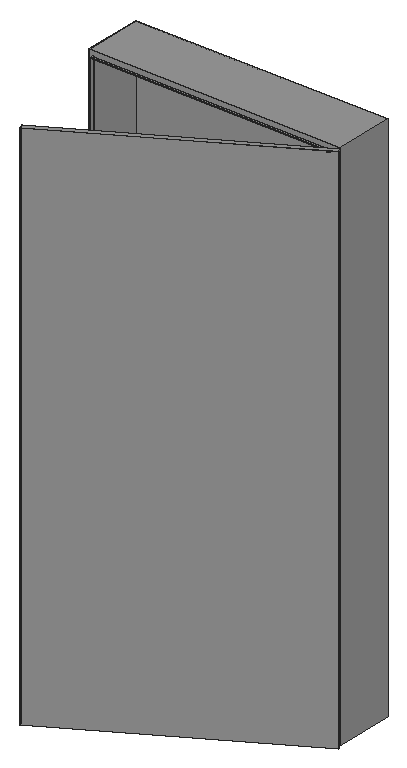
Revit family "Hager-Univers-IP44-D205-H1700-Cl.I-encl-NoHosted-PL-pl", category Electrical Equipment, Revit 2020
Family settings
  Panel Configuration = Two Columns, Circuits Across
  Round Connector Dimension = Use Diameter
  Part Type = Panelboard
  Work Plane-Based = Yes
  Always vertical = Yes
  Cut with Voids When Loaded = No
  Shared = No
  Room Calculation Point = No
Parameters (values of type "Montaż natynkowy IP44 S800 W1700 G205  - FP13TN2")
  Width Control [instance] = if([EF000008 - Szerokość] > Min Width, [EF000008 - Szerokość], Min Width)  # 800 mm
  Type Comments = [HG000003 - Zakres]  # "Univers"
  Thickness Door [instance] = if([EF009171 - Drzwi/pokrywa z materiału o wysokiej wytrzymałości mechanicznej] > 3 mm, 3 mm, [EF009171 - Drzwi/pokrywa z materiału o wysokiej wytrzymałości mechanicznej])  # 1 mm
  Seal Frame Offset [instance] = 17 mm  # constant formula
  Plinth Visibility [instance] = [HG000027 - Wysokość cokołu] > 0 mm  # no
  Min Width [instance] = 100 mm  # constant formula
  Min Depth [instance] = (2 * [EF009170 - Obudowa z materiału o wysokiej wytrzymałości mechanicznej]) + 1 mm  # 3 mm
  Min Height [instance] = 100 mm  # constant formula
  Internal Frame Depth [instance] = (Door System Depth * 0.5)  # 9 mm
  Panel Name [instance] = ""  # (empty or 0)
  Model = ""
  HG000027 - Wysokość cokołu = 0 mm
  HG000026 - Stojąca = no
  HG000024 - Wysokość części dolnej = 600 mm
  HG000023 - Obudowa dwusekcyjna = no
  HG000016 - Widoczność drzwi w widoku 3D [instance] = yes
  HG000015 - Przestrzeń robocza - otwarcie drzwi [instance] = no
  HG000014 - Drzwi prawe [instance] = yes
  HG000013 - Drzwi lewe [instance] = not([HG000014 - Drzwi prawe])  # no
  HG000012 - Kąt otwarcia drzwi [instance] = 30.00°
  HG000010 - Drzwi asymetryczne = no
  HG000009 - Drzwi dwuskrzydłowe = no
  HG000006 - Montaż podtynkowy = no
  HG000004 - Referencja producenta = "FP13TN2"
  HG000003 - Zakres = "Univers"
  HG000002 - Z drzwiami lub pokrywą = yes
  Frame Offset Bottom [instance] = 10 mm  # constant formula
  Frame Offset [instance] = 15 mm  # constant formula
  EF015940 - Pokrywa z wyzwalaczem nadciśnieniowym = no
  EF011959 - Stopień ochrony (NEMA) = ""
  EF009554 - Liczba otworów pod flansze = 6
  EF009212 - Wykonanie pokrywy = "EV000116 - Zamknięty"
  EF009171 - Drzwi/pokrywa z materiału o wysokiej wytrzymałości mechanicznej = 1 mm
  EF009170 - Obudowa z materiału o wysokiej wytrzymałości mechanicznej = 1 mm
  EF008873 - Prąd znamionowy (In) = 400 A
  EF007800 - Do ochrony odgromowej = no
  EF006306 - Z zamkiem = no
  EF006244 - Transparentna pokrywa/drzwi = no
  EF005474 - Stopień ochrony (IP) = "EV006418 - IP44"
  EF004464 - Rodzaj drzwi = "EV002646 - Pojedynczy"
  EF004427 - Liczba modułów = 396
  EF004293 - Odporność udarowa = "EV006815 - IK09"
  EF003532 - Do zastosowań zewnętrznych = no
  EF002950 - Szerokość wyrażona liczbą modułów = 36
  EF001613 - Podtrzymanie funkcji = "EV000494 - Brak"
  EF001596 - Materiał obudowy = "EV000179 - Stal"
  EF001131 - Głębokość wewnętrzna = 205 mm
  EF001088 - Możliwość rozbudowy = yes
  EF000437 - Liczba wejść kablowych = 6
  EF000339 - Rodzaj pokrywy = "EV001012 - Pokrywa"
  EF000266 - Liczba rzędów = 11
  EF000218 - Głębokość wbudowania = 205 mm
  EF000118 - Z płytą montażową = no
  EF000116 - Numer RAL = "9010"
  EF000049 - Głębokość = 205 mm
  EF000040 - Wysokość = 1700 mm
  EF000008 - Szerokość = 800 mm
  EF000007 - Kolor = "EV000202 - Biały"
  EF000003 - Sposób montażu = "EV000384 - Montaż natynkowy"
  Door System Leaf Tolerance [instance] = 1.5 mm  # constant formula
  Door System Depth [instance] = 18 mm  # constant formula
  Door Height [instance] = Height Control - [HG000027 - Wysokość cokołu]  # 1700 mm
  Description = ""
  Default Elevation = 1219.2 mm
  Connector Offset [instance] = Height Control / 2  # 850 mm
  Manufacturer = "Hager"  # constant formula
  Height Control [instance] = if([EF000040 - Wysokość] > Min Height, [EF000040 - Wysokość], Min Height)  # 1700 mm
  Depth Control [instance] = if([EF000049 - Głębokość] > Min Depth, [EF000049 - Głębokość], Min Depth)  # 205 mm
  Bottom Top Plate Trim [instance] = 1.5 mm  # constant formula
  Plinth height Ctrl [instance] = if([HG000027 - Wysokość cokołu] > 0 mm, [HG000027 - Wysokość cokołu], 12 mm)  # 12 mm
Types (4, lengths in mm): name | Width Control | HG000010 - Drzwi asymetryczne | HG000009 - Drzwi dwuskrzydłowe | HG000004 - Referencja producenta | EF009554 - Liczba otworów pod flansze | EF008873 - Prąd znamionowy (In) | EF004464 - Rodzaj drzwi | EF004427 - Liczba modułów | EF002950 - Szerokość wyrażona liczbą modułów | EF000437 - Liczba wejść kablowych | EF000008 - Szerokość
  Montaż natynkowy IP44 S1300 W1700 G205  - FP15TN2 | 1300 | yes | yes | "FP15TN2" | 10 | 400 A | "EV003602 - Podwójny" | 660 | 60 | 10 | 1300
  Montaż natynkowy IP44 S300 W1700 G205  - FP11TN2 | 300 | no | no | "FP11TN2" | 2 | 250 A | "EV002646 - Pojedynczy" | 132 | 12 | 2 | 300
  Montaż natynkowy IP44 S550 W1700 G205  - FP12TN2 | 550 | no | no | "FP12TN2" | 4 | 250 A | "EV002646 - Pojedynczy" | 264 | 24 | 4 | 550
  Montaż natynkowy IP44 S800 W1700 G205  - FP13TN2 | 800 | no | no | "FP13TN2" | 6 | 400 A | "EV002646 - Pojedynczy" | 396 | 36 | 6 | 800
Reference planes
  plane 1 "Center (Front/Back)": y = 0
  plane 2: z = 0
  plane 3 "Center (Left/Right)": x = 0
  plane 4: y = 0
  plane 5: y = 0
  plane 6: z = 0
  plane 7: x = -400
  plane 8: x = 400
  plane 9: x = 399
  plane 10: x = -399
  plane 11: z = 0
  plane 12: z = 1
  plane 13: y = -205
  plane 14: y = -1
  plane 15: x = 0
  plane 16: y = -187
  plane 17: y = -204
  plane 18: y = -186
  plane 19: x = -384
  plane 20: x = 384
  plane 21: z = 11
  plane 22: x = -383
  plane 23: x = 383
  plane 24: z = 0
  plane 25: z = 1700
  plane 26: z = 1700
  plane 27: z = 1684
  plane 28: z = 1699
Forms (mm)
  Extrusion 1, solid, material "Hager_Steel_RAL7035_Light_Grey", detail levels medium+fine
    sketch origin (-208.679, -4572, 0) x (-1, 0, 0) y (0, -1, 0)
      loop
        line (191.321, -4385) -> (-608.679, -4385) -> (-608.679, -4572) -> (191.321, -4572) -> (191.321, -4385)
    from 0 to 1700
  Extrusion 2, void
    sketch origin (-350.771, -205, 1219.2) x (1, 0, 0) y (0, 0, 1)
      loop
        line (-48.229, 479.8) -> (-48.229, -1218.2) -> (749.771, -1218.2) -> (749.771, 479.8) -> (-48.229, 479.8)
    from -19 to -204
  Extrusion 3, void
    sketch origin (-290.084, -187, 1219.2) x (1, 0, 0) y (0, 0, 1)
      loop
        line (-93.916, -1208.2) -> (674.084, -1208.2) -> (674.084, 464.8) -> (-93.916, 464.8) -> (-93.916, -1208.2)
    from 0 to -1
  Extrusion 4, solid, material "Hager_Steel_RAL7035_Light_Grey", visible <- "Plinth Visibility", detail levels medium+fine
    sketch origin (0, 0, 0) x (1, 0, 0) y (0, 1, 0)
      loop
        line (-400, 0) -> (-400, -187) -> (400, -187) -> (400, 0) -> (-400, 0)
    from 0 to 12 <- "Plinth height Ctrl"
  Extrusion 5, solid, material "Hager_Steel_RAL7035_Light_Grey", detail levels coarse
    sketch origin (0, 0, 0) x (1, 0, 0) y (0, 1, 0)
      loop
        line (-400, 0) -> (-400, -205) -> (400, -205) -> (400, 0) -> (-400, 0)
    from 0 to 1700 <- "Height Control"
  Sweep 6, void
    path in 3D
      loop
        line (-400, -187, 12) -> (400, -187, 12) -> (400, 0, 12) -> (-400, 0, 12) -> (-400, -187, 12)
    profile origin (-400, -93.5, 12) x (1, 0, 0) y (0, 0, 1)
      loop
        line (0, 0) -> (0, -1.5) -> (1.5, -1.5)
        arc (1.5, -1.5) -> (1.061, -0.439) -> (0, 0) r 1.5
  Extrusion 7, solid, material "Hager_Steel_RAL7035_Light_Grey", detail levels fine
    sketch origin (-400, -187, 0) x (1, 0, 0) y (0, 0, 1)
      loop
        line (16, 11) -> (784, 11) -> (784, 1684) -> (16, 1684) -> (16, 11)
      loop
        line (15, 10) -> (785, 10) -> (785, 1685) -> (15, 1685) -> (15, 10)
    from 0 to 9 <- "Internal Frame Depth"
Cuts and joins
  Extrusion 2, Extrusion 3 cuts Extrusion 1
  Sweep 6 cuts Extrusion 4
Lines and regions (mm)
  Masking region 1
    outline origin (0, 0, 0) x (1, 0, 0) y (0, 1, 0)
      loop
        line (-400, 0) -> (-400, -205) -> (400, -205) -> (400, 0) -> (-400, 0)
  Masking region 2, detail levels coarse
    outline origin (-290.084, -187, 1219.2) x (-1, 0, 0) y (0, 0, 1)
      loop
        line (-690.084, -1219.2) -> (109.916, -1219.2) -> (109.916, 480.8) -> (-690.084, 480.8) -> (-690.084, -1219.2)
  Masking region 3, detail levels coarse
    outline origin (0, 0, 0) x (0, 1, 0) y (0, 0, 1)
      loop
        line (0, 0) -> (0, 1700) -> (-205, 1700) -> (-205, 0) -> (0, 0)
  Masking region 4, visible <- "Plinth Visibility", detail levels medium+fine
    outline origin (0, 0, 0) x (0, 1, 0) y (0, 0, 1)
      loop
        line (-1.5, 12) -> (-185.5, 12)
        arc (-185.5, 12) -> (-185.939, 10.939) -> (-187, 10.5) r 1.5
        line (-187, 10.5) -> (-187, 0) -> (0, 0) -> (0, 10.5)
        arc (0, 10.5) -> (-1.061, 10.939) -> (-1.5, 12) r 1.5
  Masking region 5, detail levels medium+fine
    outline origin (0, 0, 594.038) x (0, 1, 0) y (0, 0, 1)
      loop
        line (0, -594.038) -> (0, 1105.962) -> (-187, 1105.962) -> (-187, -594.038) -> (0, -594.038)
  Masking region 6, detail levels medium+fine
    outline origin (-359.7, -187, 1211.883) x (-1, 0, 0) y (0, 0, 1)
      loop
        line (-759.7, -1211.883) -> (40.3, -1211.883) -> (40.3, 488.117) -> (-759.7, 488.117) -> (-759.7, -1211.883)
  Masking region 7, visible <- "Plinth Visibility", detail levels medium+fine
    outline origin (-320.334, -187, 1041.368) x (-1, 0, 0) y (0, 0, 1)
      loop
        line (-720.334, -1041.368) -> (79.666, -1041.368) -> (79.666, -1030.868)
        arc (79.666, -1030.868) -> (78.606, -1030.429) -> (78.166, -1029.368) r 1.5
        line (78.166, -1029.368) -> (-718.834, -1029.368)
        arc (-718.834, -1029.368) -> (-719.273, -1030.429) -> (-720.334, -1030.868) r 1.5
        line (-720.334, -1030.868) -> (-720.334, -1041.368)
  sketch lines
    curve 1: line (-400, 0, 12) -> (-400, -187, 12)
    curve 2: line (-400, -187, 12) -> (400, -187, 12)
    curve 3: line (400, 0, 12) -> (-400, 0, 12)
    curve 4: line (400, -187, 12) -> (400, 0, 12)
Dimensions and locks
  locked: plane 1 "Center (Front/Back)" to plane 5
  "EF009170 - Obudowa z materiału o wysokiej wytrzymałości mechanicznej": plane 7 to plane 10
  "EF009170 - Obudowa z materiału o wysokiej wytrzymałości mechanicznej": plane 8 to plane 9
  equal spacing: plane 7, plane 3 "Center (Left/Right)", plane 8
  "Width Control": plane 7 to plane 8
  "Depth Control": plane 4 to plane 13
  "EF009170 - Obudowa z materiału o wysokiej wytrzymałości mechanicznej": plane 4 to plane 14
  "Height Control": plane 25 to level
  "HG000027 - Wysokość cokołu": plane 11 to level
  "EF009170 - Obudowa z materiału o wysokiej wytrzymałości mechanicznej": plane 12 to plane 11
  "EF009170 - Obudowa z materiału o wysokiej wytrzymałości mechanicznej": plane 17 to plane 13
  "EF009170 - Obudowa z materiału o wysokiej wytrzymałości mechanicznej": plane 18 to plane 16
  "Frame Offset Bottom": plane 21 to plane 12
  "Frame Offset": plane 10 to plane 19
  "Frame Offset": plane 9 to plane 20
  "Door System Depth": plane 16 to plane 13
  "Seal Frame Offset": plane 7 to plane 22
  "Seal Frame Offset": plane 8 to plane 23
  "EF009170 - Obudowa z materiału o wysokiej wytrzymałości mechanicznej": plane 26 to plane 28
  "Frame Offset": plane 28 to plane 27
  "Connector Offset": plane 2 to connector elem
  "Bottom Top Plate Trim": profile plane to Sweep 6 sketch curve
  "Bottom Top Plate Trim": Sweep 6 sketch curve to Sweep 6 sketch curve
  "Plinth height Ctrl": Masking region 4 sketch curve to level
  "Plinth height Ctrl": Masking region 7 sketch curve to level
  "Thickness Door": Extrusion 7 sketch curve to Extrusion 7 sketch curve  (x4)
  "Bottom Top Plate Trim": radius of Sweep 6 sketch curve
  "Bottom Top Plate Trim": radius of Masking region 4 sketch curve  (x2)
  "Bottom Top Plate Trim": radius of Masking region 7 sketch curve  (x2)
  aligned and locked: Extrusion 2 sketch curve to plane 12
  aligned and locked: Extrusion 2 sketch curve to plane 9
  aligned and locked: Extrusion 2 sketch curve to plane 10
  aligned and locked: Extrusion 2 to plane 14
  aligned and locked: Extrusion 1 sketch curve to plane 4
  aligned and locked: plane 8 to Extrusion 1 sketch curve
  aligned and locked: plane 7 to Extrusion 1 sketch curve
  aligned and locked: Extrusion 2 to plane 18
  aligned and locked: Extrusion 3 sketch curve to plane 19
  aligned and locked: plane 20 to Extrusion 3 sketch curve
  aligned and locked: Extrusion 3 to Extrusion 2
  aligned and locked: Extrusion 3 sketch curve to plane 21
  aligned and locked: plane 3 "Center (Left/Right)" to nested 1
  aligned and locked: Extrusion 1 sketch curve to plane 16
  aligned and locked: Extrusion 4 sketch curve to cut or joined group of Extrusion 1, Extrusion 2, Extrusion 3
  aligned and locked: Masking region 1 sketch curve to plane 7
  aligned and locked: Masking region 1 sketch curve to plane 5
  aligned and locked: Masking region 1 sketch curve to plane 8
  aligned and locked: Masking region 2 sketch curve to level
  aligned and locked: level to Masking region 3 sketch curve
  aligned and locked: plane 1 "Center (Front/Back)" to Masking region 3 sketch curve
  aligned and locked: plane 13 to Masking region 3 sketch curve
  aligned and locked: plane 5 to Masking region 4 sketch curve
  aligned and locked: Masking region 2 sketch curve to plane 8
  aligned and locked: Masking region 2 sketch curve to plane 7
  aligned and locked: plane 7 to nested 2
  aligned and locked: nested 2 to plane 5
  aligned and locked: plane 5 to Masking region 5 sketch curve
  aligned and locked: plane 26 to Masking region 5 sketch curve
  aligned and locked: Extrusion 5 sketch curve to plane 8
  aligned and locked: Extrusion 5 sketch curve to plane 7
  aligned and locked: Extrusion 5 sketch curve to plane 5
  aligned and locked: Extrusion 3 sketch curve to plane 27
  aligned and locked: Extrusion 2 sketch curve to plane 28
  aligned and locked: Masking region 2 to plane 25
  aligned and locked: Extrusion 4 to plane 16
  aligned and locked: profile plane to Sweep 6 sketch curve
  aligned and locked: Masking region 5 sketch curve to plane 24
  aligned and locked: level to Masking region 4 sketch curve
  aligned and locked: Masking region 1 to plane 13
  aligned and locked: nested 1 to plane 16
  aligned and locked: Masking region 3 to plane 25
  aligned and locked: plane 16 to Masking region 4 sketch curve
  aligned and locked: Masking region 5 sketch curve to plane 16
  aligned and locked: plane 24 to plane 11
  aligned and locked: plane 26 to plane 25
  aligned and locked: plane 26 to cut or joined group of Extrusion 1, Extrusion 2, Extrusion 3
  aligned and locked: nested 1 to plane 24
  aligned and locked: Extrusion 1 to Extrusion 3
  aligned and locked: Masking region 6 sketch curve to plane 8
  aligned and locked: Masking region 6 sketch curve to plane 24
  aligned and locked: Masking region 6 sketch curve to plane 7
  aligned and locked: Masking region 6 sketch curve to plane 26
  aligned and locked: Masking region 7 sketch curve to plane 7
  aligned and locked: level to Masking region 7 sketch curve
  aligned and locked: Masking region 7 sketch curve to plane 8
  aligned and locked: Extrusion 7 sketch curve to cut or joined group of Extrusion 1, Extrusion 2, Extrusion 3  (x4)
Automatic sketch dimensions
  plane 19 to Extrusion 3 sketch curve = 0 mm
  Extrusion 3 sketch curve to plane 20 = 0 mm
  Extrusion 3 sketch curve to plane 21 = 0 mm
  Extrusion 4 sketch curve to plane 7 = 0 mm
  Extrusion 4 sketch curve to plane 8 = 0 mm
  Extrusion 4 sketch curve to plane 16 = 0 mm
  Masking region 1 sketch curve to plane 13 = 0 mm
  Masking region 2 sketch curve to plane 25 = 0 mm
  Masking region 3 sketch curve to plane 25 = 0 mm
  Extrusion 5 sketch curve to plane 13 = 0 mm
  profile plane to Sweep 6 sketch curve = 0 mm
Nested families
  nested 1: "EC000058_Univers_Door" at (0, -187, 0), Double <- "HG000009 - Drzwi dwuskrzydłowe", Transparent <- "EF006244 - Transparentna pokrywa/drzwi", Angle <- "HG000012 - Kąt otwarcia drzwi", Door_Right <- "HG000014 - Drzwi prawe", Assymetrical <- "HG000010 - Drzwi asymetryczne", Door <- "HG000002 - Z drzwiami lub pokrywą", Width_Ctrl <- "Width Control", 3d_Door <- "HG000016 - Widoczność drzwi w widoku 3D", Clearance <- "HG000015 - Przestrzeń robocza - otwarcie drzwi", Door_Left <- "HG000013 - Drzwi lewe", Width <- "Width Control", Door_Depth <- "Door System Depth", Leaf_Tolerance <- "Door System Leaf Tolerance", Height <- "Door Height", Lock_Visibility <- "EF006306 - Z zamkiem", Thickness <- "Thickness Door", type "EC000058_Univers_Door", detail levels medium+fine
    with min_wh 3 mm, Width_Ctrl 800 mm, Width 800 mm, Transparent no, Thickness 1 mm, Seal_Material Hager_Rubber, Lock_Visibility no, Lock_Material Hager_Plastic_RAL9005_Jet_Black, Leaf_Width 800 mm, Leaf_Tolerance_External_Sides 0 mm, Leaf_Tolerance 1.5 mm, Leaf_Offset 0 mm, Leaf_Height 1697 mm, Leaf_2_Width 800 mm, Leaf_2_Offset 400 mm, Leaf_1_Width 800 mm, Leaf_1_Offset 400 mm, Height_Ctrl 1700 mm, Height 1700 mm, Glass_Material Hager_Glass, Double_Clearance_Ctrl no, Double no, Door_Right_Ctrl yes, Door_Right yes, Door_Material Hager_Steel_RAL7035_Light_Grey, Door_Left_Ctrl no, Door_Left no, Door_Depth 18 mm, Door yes, Clearance_Material Hager_Clearance, Clearance_Depth 800 mm, Clearance_Ctrl no, Clearance no, Assymetrical no, Angle 30.00°, 3d_Door yes
  nested 2: "Hager_Enclosure_Symbol" at (-400, 0, 0), Height <- "Depth Control", Width <- "Width Control", type "Hager_Enclosure_Symbol"
    with Width_Ctrl 800 mm, Width 800 mm, Height_Ctrl 205 mm, Height 205 mm, A_Width_Int 13.453 mm, A_Width 161.438 mm, A_Height_Ctrl 179.375 mm, A_Height 179.375 mm
Connectors
  electrical at (0, 0, 850)
    settings: on plane 1 "Center (Front/Back)", index 1, voltage 0 V, apparent load 0 VA, apparent load phase1 0 VA, apparent load phase2 0 VA, apparent load phase3 0 VA, power factor 1, load classification "Other", number of poles 1, system type 30, power factor state 1, is connector primary yes, connector utility no, sub classification motor no, connector description ""
Definition of nested family "EC000058_Univers_Door"
  Parameters (values of type "EC000058_Univers_Door")
    min_wh [instance] = (2 * Thickness) + 1 mm  # 11 mm
    Width_Ctrl [instance] = 400 mm
    Width [instance] = 500 mm
    Transparent [instance] = yes
    Thickness [instance] = 5 mm
    Seal_Material [instance] = none
    Lock_Visibility [instance] = yes
    Lock_Material [instance] = none
    Leaf_Width [instance] = if((Width_Ctrl - 2 * Leaf_Tolerance_External_Sides) > 0 mm, (Width_Ctrl - 2 * Leaf_Tolerance_External_Sides), min_wh)  # 400 mm
    Leaf_Tolerance_External_Sides [instance] = 0 mm  # constant formula
    Leaf_Tolerance [instance] = 1.5 mm
    Leaf_Offset [instance] = 0 mm  # constant formula
    Leaf_Height [instance] = if((Height_Ctrl - 2 * Leaf_Tolerance) > 0 mm, (Height_Ctrl - 2 * Leaf_Tolerance), min_wh)  # 497 mm
    Leaf_2_Width [instance] = if(and(and(Double, Assymetrical), Door_Left), (Leaf_Width / 3) - (Leaf_Tolerance / 2), if(and(and(Double, Assymetrical), Door_Right), (Leaf_Width / 3) * 2 - (Leaf_Tolerance / 2), if(and(Double, not(Assymetrical)), (Leaf_Width / 2) - Leaf_Tolerance, Leaf_Width)))  # 400 mm
    Leaf_2_Offset [instance] = if(and(Double, Assymetrical), Leaf_2_Width / 2, if(and(Double, not(Assymetrical)), Leaf_Width / 4, Leaf_Width / 2))  # 200 mm
    Leaf_1_Width [instance] = if(and(and(Double, Assymetrical), Door_Right), (Leaf_Width / 3) - (Leaf_Tolerance / 2), if(and(and(Double, Assymetrical), Door_Left), (Width / 3) * 2 - (Leaf_Tolerance / 2), if(and(Double, not(Assymetrical)), (Leaf_Width / 2) - Leaf_Tolerance, Leaf_Width)))  # 400 mm
    Leaf_1_Offset [instance] = if(and(Double, Assymetrical), Leaf_1_Width / 2, if(and(Double, not(Assymetrical)), Leaf_Width / 4, Leaf_Width / 2))  # 200 mm
    Height_Ctrl [instance] = if(Height > min_wh, Height, min_wh)  # 500 mm
    Height [instance] = 500 mm
    Glass_Material [instance] = none
    Double_Clearance_Ctrl [instance] = and(Double, Clearance)  # no
    Double [instance] = no
    Door_Right_Ctrl [instance] = and(or(Door_Right, Double), Door)  # yes
    Door_Right [instance] = yes
    Door_Material [instance] = none
    Door_Left_Ctrl [instance] = and(or(Door_Left, Double), Door)  # no
    Door_Left [instance] = no
    Door_Depth [instance] = 30 mm
    Door [instance] = yes
    Default Elevation = 1219.2 mm
    Clearance_Material [instance] = none
    Clearance_Depth [instance] = if(Leaf_1_Width > Leaf_2_Width, Leaf_1_Width, Leaf_2_Width)  # 400 mm
    Clearance_Ctrl [instance] = and(not(Double), Clearance)  # yes
    Clearance [instance] = yes
    Assymetrical [instance] = yes
    Angle [instance] = 30.00°
    3d_Door [instance] = yes
  Reference planes
    plane 1 "Center (Front/Back)": y = 0
    plane 2 "Bottom": z = 0
    plane 3 "Center (Left/Right)": x = 0
    plane 4: z = 500
    plane 5: x = -200
    plane 6: x = 200
    plane 7: z = 500
    plane 8: x = -200
    plane 9: z = 0
    plane 10: x = 200
    plane 11: y = 0
    plane 12: z = 1.5
    plane 13: x = -600
    plane 14: y = -400
    plane 15: x = 600
    plane 16: x = 0
    plane 17: x = 0
    plane 18: x = -200
    plane 19: x = 200
    plane 20: z = 498.5
  Forms (mm)
    Extrusion 1, solid, material <- "Clearance_Material", visible <- "Double_Clearance_Ctrl"
      sketch origin (1200, 0, 0) x (1, 0, 0) y (0, 0, -1)
        loop
          line (-1800, -498.5) -> (-600, -498.5) -> (-600, 0) -> (-1800, 0) -> (-1800, -498.5)
      from 0 to -400
  Dimensions and locks
    equal spacing: plane 5, plane 3 "Center (Left/Right)", plane 6
    "Width_Ctrl": plane 5 to plane 6
    "Leaf_Offset": plane 5 to plane 8
    "Leaf_Offset": plane 6 to plane 10
    "Leaf_Offset": plane 9 to level
    "Leaf_Offset": plane 4 to plane 7
    "Height_Ctrl": plane 4 to level
    "Leaf_Tolerance": plane 12 to plane 9
    locked: plane 11 to plane 1 "Center (Front/Back)"
    "Leaf_1_Offset": plane 18 to plane 16
    "Leaf_2_Offset": plane 17 to plane 19
    "Leaf_1_Width": plane 13 to plane 8
    "Leaf_2_Width": plane 10 to plane 15
    "Clearance_Depth": plane 14 to plane 1 "Center (Front/Back)"
    "Leaf_Tolerance_External_Sides": plane 8 to plane 18
    "Leaf_Tolerance_External_Sides": plane 19 to plane 10
    "Leaf_Tolerance": plane 7 to plane 20
    aligned and locked: level to plane 2 "Bottom"
    aligned and locked: nested 1 to plane 16
    aligned and locked: nested 2 to plane 17
    aligned and locked: Extrusion 1 to plane 13
    aligned and locked: plane 15 to Extrusion 1
    aligned and locked: Extrusion 1 to plane 14
    aligned and locked: plane 12 to nested 1
    aligned and locked: nested 2 to plane 12
    aligned and locked: Extrusion 1 to plane 11
    aligned and locked: plane 20 to Extrusion 1
    aligned and locked: nested 2 to plane 11
    aligned and locked: nested 1 to plane 11
  Automatic sketch dimensions
    Extrusion 1 sketch curve to level = 0 mm
    plane 5 to Extrusion 1 sketch curve = 400 mm
    plane 6 to Extrusion 1 sketch curve = 400 mm
    Extrusion 1 sketch curve to plane 4 = 1.5 mm
  Nested families
    nested 1: "EC000058_Univers_Door_Leaf" at (0, 0, 1.5), Width <- "Leaf_1_Width", visible <- "Door_Left_Ctrl", Leaf_Height <- "Leaf_Height", Angle <- "Angle", 3d_Door <- "3d_Door", Transparent <- "Transparent", Clearance Material <- "Clearance_Material", Clearance <- "Clearance_Ctrl", Door_Material <- "Door_Material", Glass_Material <- "Glass_Material", Door_Depth <- "Door_Depth", Lock_Material <- "Lock_Material", Seal_Material <- "Seal_Material", Lock_Visibility <- "Lock_Visibility", Thickness <- "Thickness", type "EC000058_Univers_Door_Leaf"
      with Width 400 mm, Transparent_Glass_Offset 30 mm, Transparent_Ctrl yes, Transparent yes, Thickness 5 mm, Standard no, Seal_Material none, Seal_D2 8 mm, Seal_D1 1 mm, Offset_Internal_Frame 10 mm, Lock_Width 20 mm, Lock_Visibility_3d yes, Lock_Visibility yes, Lock_Thickness_3 3 mm, Lock_Thickness_2 1 mm, Lock_Thickness_1 3 mm, Lock_Radius_Offset_2 16 mm, Lock_Radius_Offset_1 15 mm, Lock_Radius_2 5 mm, Lock_Radius 6 mm, Lock_Offset 5 mm, Lock_Material none, Lock_Height 80 mm, Lock_Cover_Top_Offset_2d 17 mm, Lock_Cover_Height -65 mm, Leaf_Height 497 mm, Internal_Seal_Thickness 8 mm, Internal_Seal_Depth_2 4.5 mm, Internal_Frame_Depth 25 mm, Glass_Thickness -1 mm, Glass_Offset -2 mm, Glass_Material none, Door_Material none, Door_Depth 30 mm, Clearance Material none, Clearance yes, Angle_Ctrl 30.00°, Angle 30.00°, 3d_Door yes
    nested 2: "EC000058_Univers_Door_Leaf" at (0, 0, 1.5) x (-1, 0, 0) z (0, 0, 1), Width <- "Leaf_2_Width", visible <- "Door_Right_Ctrl", Leaf_Height <- "Leaf_Height", Angle <- "Angle", 3d_Door <- "3d_Door", Transparent <- "Transparent", Clearance Material <- "Clearance_Material", Clearance <- "Clearance_Ctrl", Door_Material <- "Door_Material", Glass_Material <- "Glass_Material", Door_Depth <- "Door_Depth", Lock_Material <- "Lock_Material", Seal_Material <- "Seal_Material", Lock_Visibility <- "Lock_Visibility", Thickness <- "Thickness", type "EC000058_Univers_Door_Leaf"
      with Width 400 mm, Transparent_Glass_Offset 30 mm, Transparent_Ctrl yes, Transparent yes, Thickness 5 mm, Standard no, Seal_Material none, Seal_D2 8 mm, Seal_D1 1 mm, Offset_Internal_Frame 10 mm, Lock_Width 20 mm, Lock_Visibility_3d yes, Lock_Visibility yes, Lock_Thickness_3 3 mm, Lock_Thickness_2 1 mm, Lock_Thickness_1 3 mm, Lock_Radius_Offset_2 16 mm, Lock_Radius_Offset_1 15 mm, Lock_Radius_2 5 mm, Lock_Radius 6 mm, Lock_Offset 5 mm, Lock_Material none, Lock_Height 80 mm, Lock_Cover_Top_Offset_2d 17 mm, Lock_Cover_Height -65 mm, Leaf_Height 497 mm, Internal_Seal_Thickness 8 mm, Internal_Seal_Depth_2 4.5 mm, Internal_Frame_Depth 25 mm, Glass_Thickness -1 mm, Glass_Offset -2 mm, Glass_Material none, Door_Material none, Door_Depth 30 mm, Clearance Material none, Clearance yes, Angle_Ctrl 30.00°, Angle 30.00°, 3d_Door yes
  Definition of nested family "EC000058_Univers_Door_Leaf"
    Parameters (values of type "EC000058_Univers_Door_Leaf")
      Width [instance] = 2000 mm
      Transparent_Glass_Offset [instance] = 30 mm
      Transparent_Ctrl [instance] = and(Transparent, [3d_Door])  # yes
      Transparent [instance] = yes
      Thickness [instance] = 5 mm
      Standard [instance] = and(not(Transparent), [3d_Door])  # no
      Seal_Material [instance] = none
      Seal_D2 [instance] = 8 mm  # constant formula
      Seal_D1 [instance] = 1 mm  # constant formula
      Offset_Internal_Frame [instance] = 10 mm  # constant formula
      Lock_Width [instance] = 20 mm  # constant formula
      Lock_Visibility_3d [instance] = and(Lock_Visibility, [3d_Door])  # yes
      Lock_Visibility [instance] = yes
      Lock_Thickness_3 [instance] = 3 mm  # constant formula
      Lock_Thickness_2 [instance] = 1 mm  # constant formula
      Lock_Thickness_1 [instance] = 3 mm  # constant formula
      Lock_Radius_Offset_2 [instance] = Lock_Radius_Offset_1 + 1 mm  # 16 mm
      Lock_Radius_Offset_1 [instance] = 15 mm  # constant formula
      Lock_Radius_2 [instance] = Lock_Radius - 1 mm  # 5 mm
      Lock_Radius [instance] = 6 mm  # constant formula
      Lock_Offset [instance] = 5 mm  # constant formula
      Lock_Material [instance] = none
      Lock_Height [instance] = 80 mm  # constant formula
      Lock_Cover_Top_Offset_2d [instance] = Lock_Radius_Offset_2 + 1 mm  # 17 mm
      Lock_Cover_Height [instance] = -(Lock_Height - Lock_Radius_Offset_1)  # -65 mm
      Leaf_Height [instance] = 2720.336 mm
      Internal_Seal_Thickness [instance] = 8 mm  # constant formula
      Internal_Seal_Depth_2 [instance] = 4.5 mm  # constant formula
      Internal_Frame_Depth [instance] = if(Door_Depth - Thickness > 5 mm, Door_Depth - Thickness, 5 mm)  # 25 mm
      Glass_Thickness [instance] = if(Thickness > 15 mm, Glass_Offset + 10 mm, -1 mm)  # -1 mm
      Glass_Offset [instance] = if(Thickness > 15 mm, -(Thickness + 10 mm) / 2, -2 mm)  # -2 mm
      Glass_Material [instance] = none
      Door_Material [instance] = none
      Door_Depth [instance] = 30 mm
      Default Elevation = 0 mm
      Clearance Material [instance] = none
      Clearance [instance] = yes
      Angle_Ctrl [instance] = if(Angle > 180.00°, 180.00°, Angle)  # 90.00°
      Angle [instance] = 90.00°
      3d_Door [instance] = yes
    Reference planes
      plane 1 "Center (Front/Back)": y = 0
      plane 2: z = 0
      plane 3 "Center (Left/Right)": x = 0
      plane 4: y = 2000
      plane 5: x = -1000
      plane 6: x = 1000
      plane 7: x = -3000
      plane 8: z = 2720.336
      plane 9: z = 30
      plane 10: z = 2690.336
      plane 11: x = 970
      plane 12: x = -970
      plane 13: y = -3
      plane 14: z = 107.833
      plane 15: y = -5
      plane 16: y = -223.314
      plane 17: x = -1000
      plane 18: z = 1360.168
      plane 19: y = 30
    Forms (mm)
      Extrusion 1, solid, material <- "Clearance Material", visible <- "Clearance"
        sketch origin (0, 0, 0) x (1, 0, 0) y (0, 0, 1)
          loop
            line (-3000, 2720.336) -> (-3000, 0) -> (1000, 0) -> (1000, 2720.336) -> (-3000, 2720.336)
        from 0 to -2000
      Extrusion 2, solid, material <- "Door_Material", visible <- "Standard", detail levels medium+fine
        sketch origin (-1000, 0, 0) x (0, 1, 0) y (-1, 0, 0)
          loop
            line (0, 30) -> (0, 25) -> (2000, 25) -> (2000, 30) -> (0, 30)
        from 0 to 2720.336 <- "Leaf_Height"
      Extrusion 3, solid, material <- "Door_Material", visible <- "Transparent_Ctrl", detail levels medium+fine
        sketch origin (-1000, 0, 0) x (0, 1, 0) y (-1, 0, 0)
          loop
            line (0, 25) -> (2000, 25) -> (2000, 30) -> (0, 30) -> (0, 25)
        from 0 to 2720.336 <- "Leaf_Height"
      Extrusion 4, void
        sketch origin (-1025, 2000, 0) x (0, 1, 0) y (0, 0, -1)
          loop
            line (-30, -2690.336) -> (-30, -30) -> (-1970, -30) -> (-1970, -2690.336) -> (-30, -2690.336)
        from 0 to 5 <- "Thickness"
      Sweep 5, solid, material <- "Seal_Material", visible <- "Transparent_Ctrl", detail levels fine
        path in 3D
          loop
            line (-1025, 30, 30) -> (-1025, 30, 2690.336) -> (-1025, 1970, 2690.336) -> (-1025, 1970, 30) -> (-1025, 30, 30)
        profile origin (-1025, 1000, 30) x (1, 0, 0) y (0, 0, 1)
          loop
            line (0, 0) -> (0, -8) -> (1, -8) -> (1, 0) -> (0, 0)
      Extrusion 6, solid, material <- "Glass_Material", visible <- "Transparent_Ctrl", detail levels medium+fine
        sketch origin (-1030, 0, 0) x (0, 1, 0) y (0, 0, -1)
          loop
            line (1970, -2690.336) -> (1970, -30) -> (30, -30) -> (30, -2690.336) -> (1970, -2690.336)
        from -2 <- "Glass_Offset" to -1 <- "Glass_Thickness"
      Extrusion 7, solid, material <- "Door_Material", visible <- "3d_Door", detail levels medium+fine
        sketch origin (-1025, 2000, 0) x (0, -1, 0) y (0, 0, -1)
          loop
            line (0, -2720.336) -> (2000, -2720.336) -> (2000, 0) -> (0, 0) -> (0, -2720.336)
          loop
            line (1995, -5) -> (5, -5) -> (5, -2715.336) -> (1995, -2715.336) -> (1995, -5)
        from 0 to 25 <- "Internal_Frame_Depth"
      Sweep 8, solid, material <- "Seal_Material", visible <- "Transparent_Ctrl", detail levels fine
        path in 3D
          loop
            line (-1025, 0, 0) -> (-1025, 2000, 0) -> (-1025, 2000, 2720.336) -> (-1025, 0, 2720.336) -> (-1025, 0, 0)
        profile origin (-1025, 0, 1360.168) x (1, 0, 0) y (0, 1, 0)
          loop
            line (0, 10) -> (2.975, 10)
            arc (2.975, 10) -> (4.053, 10.447) -> (4.5, 11.525) r 1.525
            line (4.5, 11.525) -> (4.5, 16.527)
            arc (4.5, 16.527) -> (4.069, 17.569) -> (3.027, 18) r 1.473
            line (3.027, 18) -> (0, 18) -> (0, 10)
      Extrusion 9, solid, material <- "Lock_Material", visible <- "Lock_Visibility_3d", detail levels fine
        sketch origin (-1030, 0, 0) x (0, 1, 0) y (0, 0, -1)
          loop
            arc (1993.5, -1400.168) -> (1994.561, -1399.729) -> (1995, -1398.668) r 1.5
            line (1995, -1398.668) -> (1995, -1320.168) -> (1975, -1320.168) -> (1975, -1398.668)
            arc (1975, -1398.668) -> (1975.439, -1399.729) -> (1976.5, -1400.168) r 1.5
            line (1976.5, -1400.168) -> (1993.5, -1400.168)
        from 3 <- "Lock_Thickness_1" to 0
      Blend 10, solid, material <- "Lock_Material", visible <- "Lock_Visibility_3d", detail levels fine
        base sketch origin (-1033, 0, 0) x (0, 1, 0) y (0, 0, -1)
          loop
            line (1975, -1320.168) -> (1975, -1398.668)
            arc (1975, -1398.668) -> (1975.439, -1399.729) -> (1976.5, -1400.168) r 1.5
            line (1976.5, -1400.168) -> (1993.5, -1400.168)
            arc (1993.5, -1400.168) -> (1994.561, -1399.729) -> (1995, -1398.668) r 1.5
            line (1995, -1398.668) -> (1995, -1320.168) -> (1975, -1320.168)
        top sketch origin (-1033, 0, 0) x (0, 1, 0) y (0, 0, -1)
          loop
            line (1976, -1320.168) -> (1976, -1398.668)
            arc (1976, -1398.668) -> (1976.146, -1399.022) -> (1976.5, -1399.168) r 0.5
            line (1976.5, -1399.168) -> (1993.5, -1399.168)
            arc (1993.5, -1399.168) -> (1993.854, -1399.022) -> (1994, -1398.668) r 0.5
            line (1994, -1398.668) -> (1994, -1320.168) -> (1976, -1320.168)
        from 0 to 1 <- "Lock_Thickness_2"
      Blend 11, solid, material <- "Lock_Material", visible <- "Lock_Visibility_3d", detail levels fine
        base sketch origin (-1034, 0, 0) x (0, 1, 0) y (0, 0, -1)
          loop
            line (1978, -1320.168) -> (1978, -1384.168)
            arc (1978, -1384.168) -> (1985, -1391.168) -> (1992, -1384.168) r 7
            line (1992, -1384.168) -> (1992, -1320.168) -> (1978, -1320.168)
        top sketch origin (-1034, 0, 0) x (0, 1, 0) y (0, 0, -1)
          loop
            line (1991, -1320.168) -> (1979, -1320.168) -> (1979, -1383.168)
            arc (1979, -1383.168) -> (1985, -1389.168) -> (1991, -1383.168) r 6
            line (1991, -1383.168) -> (1991, -1320.168)
        from 0 to 3 <- "Lock_Thickness_3"
      Extrusion 12, solid, material <- "Lock_Material", visible <- "Lock_Visibility_3d", detail levels fine
        sketch origin (-1030, 1975, 1320.168) x (1, 0, 0) y (0, -1, 0)
          loop
            line (-7, -19) -> (-7, -1) -> (0, -1) -> (0, 0) -> (-8, 0) -> (-8, -20) -> (0, -20) -> (0, -19) -> (-7, -19)
        from 0 to -65 <- "Lock_Cover_Height"
      Extrusion 13, void
        sketch origin (-1038, 1995, 1320.168) x (-1, 0, 0) y (0, 0, -1)
          loop
            line (-5, -65) -> (0, -65) -> (-5, -60) -> (-5, -65)
        from 0 to 20 <- "Lock_Width"
      Extrusion 14, void
        sketch origin (-1038, 1975, 1320.168) x (0, -1, 0) y (0, 0, -1)
          loop
            circle (-10, -15.995) r 6
          loop
            circle (-10, -15.995) r 5
        from 0 to 2
      Extrusion 15, solid, material <- "Lock_Material", visible <- "Lock_Visibility_3d", detail levels medium
        sketch origin (-1030, 0, 0) x (0, 1, 0) y (0, 0, -1)
          loop
            arc (1993.5, -1400.168) -> (1994.561, -1399.729) -> (1995, -1398.668) r 1.5
            line (1995, -1398.668) -> (1995, -1320.168) -> (1975, -1320.168) -> (1975, -1398.668)
            arc (1975, -1398.668) -> (1975.439, -1399.729) -> (1976.5, -1400.168) r 1.5
            line (1976.5, -1400.168) -> (1993.5, -1400.168)
        from 8 to 0
    Cuts and joins
      Extrusion 4 cuts Extrusion 3
      Extrusion 13, Extrusion 14 cuts Extrusion 9
      Extrusion 14 cuts Blend 11
      Extrusion 13, Extrusion 14 cuts Extrusion 12
      joined: Extrusion 9, Blend 10, Blend 11, Extrusion 12
      Extrusion 14 cuts Extrusion 15
    Lines and regions (mm)
      Masking region 1, visible <- "Lock_Visibility", detail levels fine
        outline origin (0, 0, 0) x (0, 1, 0) y (0, 0, 1)
          loop
            line (30, 1320.168) -> (33, 1320.168) -> (33, 1400.168) -> (30, 1400.168) -> (30, 1320.168)
      Masking region 2, visible <- "Lock_Visibility", detail levels fine
        outline origin (0, 3.143, 0) x (0, 1, 0) y (0, 0, 1)
          loop
            line (29.857, 1354.168) -> (30.857, 1354.168) -> (30.857, 1366.168) -> (29.857, 1366.168) -> (29.857, 1354.168)
      Masking region 3, detail levels medium+fine
        outline origin (0, 0, 0) x (0, 1, 0) y (0, 0, 1)
          loop
            line (0, 0) -> (30, 0) -> (30, 2720.336) -> (0, 2720.336) -> (0, 0)
      Masking region 4, detail levels medium+fine
        outline origin (0, 0, 0) x (1, 0, 0) y (0, 0, 1)
          loop
            line (-1000, 2720.336) -> (-1000, 0) -> (1000, 0) -> (1000, 2720.336) -> (-1000, 2720.336)
      Masking region 5, visible <- "Lock_Visibility", detail levels fine
        outline origin (-47.116, 0, 0) x (1, 0, 0) y (0, 0, 1)
          loop
            arc (1024.616, 1399.168) -> (1023.556, 1398.729) -> (1023.116, 1397.668) r 1.5
            line (1023.116, 1397.668) -> (1023.116, 1320.168) -> (1041.116, 1320.168) -> (1041.116, 1397.668)
            arc (1041.116, 1397.668) -> (1040.677, 1398.729) -> (1039.616, 1399.168) r 1.5
            line (1039.616, 1399.168) -> (1024.616, 1399.168)
      Masking region 6, visible <- "Lock_Visibility", detail levels medium+fine
        outline origin (-25, 0, 0) x (1, 0, 0) y (0, 0, 1)
          loop
            arc (1001.5, 1400.168) -> (1000.439, 1399.729) -> (1000, 1398.668) r 1.5
            line (1000, 1398.668) -> (1000, 1320.168) -> (1020, 1320.168) -> (1020, 1398.668)
            arc (1020, 1398.668) -> (1019.561, 1399.729) -> (1018.5, 1400.168) r 1.5
            line (1018.5, 1400.168) -> (1001.5, 1400.168)
      Masking region 7, visible <- "Lock_Visibility", detail levels fine
        outline origin (-73.735, 0, 0) x (1, 0, 0) y (0, 0, 1)
          loop
            line (1051.735, 1382.168) -> (1065.735, 1382.168) -> (1065.735, 1384.168)
            arc (1065.735, 1384.168) -> (1058.735, 1391.168) -> (1051.735, 1384.168) r 7
            line (1051.735, 1384.168) -> (1051.735, 1382.168)
      Masking region 8, visible <- "Lock_Visibility", detail levels fine
        outline origin (-73.735, 0, 0) x (1, 0, 0) y (0, 0, 1)
          loop
            line (1052.735, 1382.168) -> (1064.735, 1382.168) -> (1064.735, 1383.168)
            arc (1064.735, 1383.168) -> (1058.735, 1389.168) -> (1052.735, 1383.168) r 6
            line (1052.735, 1383.168) -> (1052.735, 1382.168)
      Masking region 9, visible <- "Lock_Visibility", detail levels fine
        outline origin (-25, 0, 0) x (1, 0, 0) y (0, 0, 1)
          loop
            line (1020, 1320.168) -> (1020, 1382.168) -> (1000, 1382.168) -> (1000, 1320.168) -> (1020, 1320.168)
      Masking region 10, detail levels medium+fine
        outline origin (0, 0, 0) x (1, 0, 0) y (0, 0, 1)
          loop
            circle (985, 1335.144) r 6
      Masking region 11, detail levels fine
        outline origin (0, 0, 0) x (1, 0, 0) y (0, 0, 1)
          loop
            circle (985, 1335.144) r 5
      Masking region 12, visible <- "Lock_Visibility", detail levels fine
        outline origin (0, 12.767, 0) x (0, 1, 0) y (0, 0, 1)
          loop
            line (20.233, 1320.168) -> (21.233, 1320.168) -> (21.233, 1399.168) -> (20.233, 1400.168) -> (20.233, 1320.168)
      Masking region 13, visible <- "Lock_Visibility", detail levels fine
        outline origin (0, 13.767, -10) x (0, 1, 0) y (0, 0, 1)
          loop
            line (20.233, 1330.168) -> (23.233, 1330.168) -> (23.233, 1399.168) -> (20.233, 1402.168) -> (20.233, 1330.168)
      Masking region 14, visible <- "Lock_Visibility", detail levels fine
        outline origin (0, 12.767, -10) x (0, 1, 0) y (0, 0, 1)
          loop
            line (20.233, 1330.168) -> (25.233, 1330.168) -> (25.233, 1399.305) -> (20.233, 1394.305) -> (20.233, 1330.168)
      Masking region 15, visible <- "Lock_Visibility", detail levels medium
        outline origin (0, 0, 0) x (0, 1, 0) y (0, 0, 1)
          loop
            line (30, 1320.168) -> (38, 1320.168) -> (38, 1400.168) -> (30, 1400.168) -> (30, 1320.168)
      Masking region 16, visible <- "Lock_Visibility", detail levels fine
        outline origin (-1000, 0, 0) x (0, 1, 0) y (-1, 0, 0)
          loop
            line (1975, 30) -> (1995, 30) -> (1995, 38) -> (1975, 38) -> (1975, 30)
          loop
            line (1979, 37) -> (1976, 37) -> (1976, 34) -> (1978, 34) -> (1979, 37)
          loop
            line (1994, 37) -> (1991, 37) -> (1992, 34) -> (1994, 34) -> (1994, 37)
      Masking region 17, visible <- "Lock_Visibility", detail levels medium
        outline origin (-1000, 0, 0) x (0, 1, 0) y (-1, 0, 0)
          loop
            line (1975, 30) -> (1995, 30) -> (1995, 38) -> (1975, 38) -> (1975, 30)
      symbolic lines
        curve 1: line (1000, 0, 0) -> (-3000, 0, 0)
        curve 2: arc (1000, 0, 0) -> (-1000, 2000, 0) -> (-3000, 0, 0) r 2000
        curve 4: line (-1030, 0, 0) -> (-1030, 2000, 0)
      reference lines
        curve 3: line (-1000, 0, 0) -> (-1000, 2000, 0)
      symbolic lines, detail levels medium+fine
        curve 5: line (-1030, 2000, 0) -> (-1025, 2000, 0)
        curve 7: line (-1025, 0, 0) -> (-1030, 0, 0)
        curve 8: line (-1025, 0, 0) -> (-1000, 0, 0)
        curve 9: line (-1000, 0, 0) -> (-1000, 2000, 0)
        curve 10: line (-1000, 2000, 0) -> (-1025, 2000, 0)
      symbolic lines, detail levels fine
        curve 6: line (-1025, 2000, 0) -> (-1025, 0, 0)
      sketch lines
        curve 11: line (-1025, 0, 2720.336) -> (-1025, 0, 0)
        curve 12: line (-1025, 2000, 0) -> (-1025, 0, 0)
        curve 13: line (-1025, 2000, 2720.336) -> (-1025, 2000, 0)
        curve 14: line (-1025, 0, 2720.336) -> (-1025, 2000, 2720.336)
        curve 15: line (-1025, 1970, 30) -> (-1025, 30, 30)
        curve 16: line (-1025, 30, 30) -> (-1025, 30, 2690.336)
        curve 17: line (-1025, 1970, 2690.336) -> (-1025, 1970, 30)
        curve 18: line (-1025, 30, 2690.336) -> (-1025, 1970, 2690.336)
      symbolic lines, visible <- "Transparent", detail levels medium+fine
        curve 19: line (-970, 0, 2690.336) -> (970, 0, 2690.336)
        curve 20: line (-970, 0, 30) -> (-970, 0, 2690.336)
        curve 21: line (970, 0, 30) -> (-970, 0, 30)
        curve 22: line (970, 0, 2690.336) -> (970, 0, 30)
    Dimensions and locks
      "Width": plane 1 "Center (Front/Back)" to plane 4
      equal spacing: plane 5, plane 3 "Center (Left/Right)", plane 6
      "Width": plane 5 to plane 6
      "Width": plane 7 to plane 5
      "Leaf_Height": plane 8 to level
      "Width": curve 5 to curve 3
      "Width": curve 3 to curve 3
      plane 8 to plane 10 = 30 mm
      plane 9 to level = 30 mm
      plane 12 to plane 5 = 30 mm
      plane 6 to plane 11 = 30 mm
      Extrusion 1 to Extrusion 4 sketch curve = 30 mm
      "Transparent_Glass_Offset": curve 3 to Extrusion 4 sketch curve
      "Transparent_Glass_Offset": Extrusion 4 sketch curve to cut or joined group of Extrusion 3, Extrusion 4  (x2)
      cut or joined group of Extrusion 3, Extrusion 4 to Extrusion 6 sketch curve = 30 mm
      "Transparent_Glass_Offset": cut or joined group of Extrusion 3, Extrusion 4 to Extrusion 4 sketch curve
      "Thickness": curve 6 to curve 4
      "Thickness": Extrusion 7 sketch curve to Extrusion 7 sketch curve  (x4)
      "Door_Depth": curve 4 to curve 3
      "Offset_Internal_Frame": profile plane to Sweep 8 sketch curve
      "Internal_Seal_Thickness": Sweep 8 sketch curve to Sweep 8 sketch curve
      "Internal_Seal_Depth_2": profile plane to Sweep 8 sketch curve
      "Seal_D1": profile plane to Sweep 5 sketch curve
      "Seal_D2": profile plane to Sweep 5 sketch curve
      "Thickness": Extrusion 2 sketch curve to Extrusion 2 sketch curve
      equal spacing: Extrusion 9 sketch curve, plane 18, Extrusion 9 sketch curve  (x2)
      equal spacing: Masking region 1 sketch curve, plane 18, Masking region 1 sketch curve
      "Lock_Height": Masking region 1 sketch curve to Masking region 1 sketch curve
      "Lock_Radius": Masking region 2 sketch curve to plane 18 to Masking region 2 sketch curve
      Masking region 2 sketch curve to Masking region 1 = 1 mm
      "Door_Depth": plane 19 to plane 1 "Center (Front/Back)"
      "Lock_Thickness_1": Masking region 1 sketch curve to plane 19
      "Lock_Width": Extrusion 9 sketch curve to Extrusion 9 sketch curve
      "Lock_Height": Extrusion 9 sketch curve to Extrusion 9 sketch curve
      "Lock_Offset": cut or joined group of Extrusion 3, Extrusion 4 to Extrusion 9 sketch curve
      equal spacing: plane 8, plane 18, level
      "Lock_Radius_Offset_1": Blend 11 sketch curve to Blend 10
      locked: Blend 10 to Blend 11 sketch curve at 2  (x2)
      locked: var sketch to Blend 11 sketch curve at 1  (x2)
      "Lock_Radius_Offset_2": Blend 11 sketch curve to Blend 10
      locked: Extrusion 12 sketch curve to Extrusion 12 sketch curve at 1  (x3)
      Masking region 6 sketch curve to Masking region 6 sketch curve = 80 mm
      "Lock_Height": Masking region 6 sketch curve to Masking region 6 sketch curve
      "Lock_Width": Masking region 6 sketch curve to Masking region 6 sketch curve
      locked: Masking region 6 to Masking region 5 sketch curve at 1  (x3)
      locked: Masking region 5 to Masking region 7 sketch curve at 2  (x2)
      "Lock_Radius_Offset_1": Masking region 5 to Masking region 7 sketch curve
      "Lock_Radius_Offset_2": Masking region 5 to Masking region 8 sketch curve
      locked: Masking region 7 to Masking region 8 sketch curve at 1  (x2)
      "Lock_Cover_Top_Offset_2d": Masking region 5 to Masking region 9 sketch curve
      equal spacing: Masking region 9, Masking region 10 sketch curve, Masking region 9
      equal spacing: Masking region 9, Masking region 11 sketch curve, Masking region 9
      Extrusion 15 sketch curve to Extrusion 15 sketch curve = 80 mm
      "Lock_Width": Extrusion 15 sketch curve to Extrusion 15 sketch curve
      "Lock_Height": Extrusion 15 sketch curve to Extrusion 15 sketch curve
      equal spacing: Extrusion 15 sketch curve, plane 18, Extrusion 15 sketch curve
      "Lock_Thickness_3": Masking region 13 sketch curve to Masking region 13 sketch curve
      "Lock_Height": Masking region 12 sketch curve to Masking region 12 sketch curve
      locked: Masking region 13 sketch curve to Masking region 1 at 8
      locked: Masking region 14 sketch curve to Masking region 13 at 1
      locked: Masking region 14 sketch curve to Masking region 1 at 10.863
      "Lock_Height": Masking region 15 sketch curve to Masking region 15 sketch curve
      "Lock_Offset": Extrusion 15 sketch curve to cut or joined group of Extrusion 3, Extrusion 4
      "Lock_Offset": plane 6 to Masking region 6 sketch curve
      radius of Sweep 8 sketch curve = 1.525 mm
      radius of Sweep 8 sketch curve = 1.473 mm
      radius of Extrusion 9 sketch curve = 1.5 mm  (x2)
      "Lock_Radius": radius of Extrusion 14 sketch curve
      "Lock_Radius_2": radius of Extrusion 14 sketch curve
      "Lock_Radius": radius of Masking region 10 sketch curve
      "Lock_Radius_2": radius of Masking region 11 sketch curve
      radius of Extrusion 15 sketch curve = 1.5 mm  (x2)
      "Angle_Ctrl": angle plane 1 "Center (Front/Back)" to curve 3
      locked: Masking region 12 sketch curve to Masking region 12 sketch curve (angle 45.00°)
      locked: Masking region 13 sketch curve to Masking region 13 sketch curve (angle 45.00°)
      locked: Masking region 14 sketch curve to Masking region 14 sketch curve (angle 45.00°)
      aligned and locked: level to plane 2
      aligned and locked: Extrusion 1 to curve 1
      aligned and locked: plane 6 to Extrusion 1
      aligned and locked: Extrusion 1 to plane 1 "Center (Front/Back)"
      aligned and locked: plane 4 to Extrusion 1
      aligned and locked: plane 8 to Extrusion 1
      aligned and locked: curve 7 to Extrusion 2 sketch curve
      aligned and locked: curve 5 to Extrusion 2 sketch curve
      aligned and locked: curve 7 to Extrusion 3 sketch curve
      aligned and locked: Extrusion 3 sketch curve to curve 4
      aligned and locked: Extrusion 3 sketch curve to curve 6
      aligned and locked: Extrusion 3 sketch curve to curve 5
      aligned and locked: curve 9 to curve 3
      aligned and locked: Extrusion 7 sketch curve to cut or joined group of Extrusion 3, Extrusion 4  (x4)
      aligned and locked: plane 17 to curve 3
      aligned and locked: plane 1 "Center (Front/Back)" to curve 3
      aligned and locked: plane 17 to plane 5
      aligned and locked: Sweep 8 sketch curve to profile plane
      aligned and locked: Sweep 5 sketch curve to profile plane  (x2)
      aligned and locked: Masking region 1 to Masking region 2 sketch curve
      aligned and locked: plane 19 to Masking region 1 sketch curve
      aligned and locked: plane 1 "Center (Front/Back)" to Masking region 3 sketch curve
      aligned and locked: plane 19 to Masking region 3 sketch curve
      aligned and locked: level to Masking region 3 sketch curve
      aligned and locked: Masking region 3 sketch curve to plane 8
      aligned and locked: plane 17 to Masking region 4 sketch curve
      aligned and locked: level to Masking region 4 sketch curve
      aligned and locked: Masking region 4 sketch curve to plane 8
      aligned and locked: plane 12 to curve 20
      aligned and locked: plane 10 to curve 19
      aligned and locked: plane 11 to curve 22
      aligned and locked: curve 21 to plane 9
      aligned and locked: Extrusion 2 sketch curve to cut or joined group of Extrusion 3, Extrusion 4
      aligned and locked: Blend 10 sketch curve to Extrusion 9  (x4)
      aligned and locked: Extrusion 9 to Blend 10 sketch curve
      aligned and locked: Blend 10 to Blend 11 sketch curve
      aligned and locked: Extrusion 12 sketch curve to Blend 11
      aligned and locked: Extrusion 12 sketch curve to Extrusion 9  (x4)
      aligned and locked: Masking region 5 sketch curve to Masking region 6
      aligned and locked: Masking region 9 sketch curve to Masking region 6  (x3)
      aligned and locked: Masking region 12 sketch curve to Masking region 1
      aligned and locked: Masking region 13 sketch curve to Masking region 1
      aligned and locked: Masking region 12 to Masking region 14
      aligned and locked: Masking region 14 sketch curve to Masking region 1
      aligned and locked: Masking region 15 sketch curve to Masking region 14
      aligned and locked: Masking region 13 sketch curve to Masking region 12
      aligned and locked: Masking region 16 sketch curve to cut or joined group of Extrusion 14, Extrusion 15  (x4)
      aligned and locked: Masking region 16 sketch curve to cut or joined group of Extrusion 9, Blend 10, Blend 11, Extrusion 12, Extrusion 13, Extrusion 14  (x6)
      aligned and locked: cut or joined group of Extrusion 9, Blend 10, Blend 11, Extrusion 12, Extrusion 13, Extrusion 14 to Masking region 16 sketch curve
      aligned and locked: Masking region 17 sketch curve to cut or joined group of Extrusion 14, Extrusion 15  (x3)
      aligned and locked: Masking region 17 sketch curve to cut or joined group of Extrusion 9, Blend 10, Blend 11, Extrusion 12, Extrusion 13, Extrusion 14
      aligned and locked: Masking region 9 to Masking region 8 sketch curve
      aligned and locked: Masking region 9 to Masking region 7 sketch curve
    Automatic sketch dimensions
      plane 1 "Center (Front/Back)" to curve 2 = 0 mm
      curve 2 to plane 5 = 0 mm
      Extrusion 1 sketch curve to level = 0 mm
      Extrusion 1 sketch curve to plane 7 = 0 mm
      Extrusion 1 sketch curve to plane 6 = 0 mm
      Extrusion 1 sketch curve to plane 8 = 0 mm
      Extrusion 3 to Extrusion 6 sketch curve = 30 mm  (x4)
      Masking region 4 sketch curve to plane 6 = 0 mm
      Blend 10 sketch curve to Extrusion 9 = 1.5 mm
      Blend 10 sketch curve to Extrusion 9 = 1 mm
      Extrusion 13 sketch curve to Extrusion 12 = 0 mm  (x2)
      Extrusion 12 to Extrusion 13 sketch curve = 3 mm
      Extrusion 13 sketch curve to Extrusion 12 = 5 mm
      Extrusion 14 sketch curve to Extrusion 14 sketch curve = 0 mm  (x2)
      Extrusion 14 sketch curve to Extrusion 12 = 10 mm
      Extrusion 14 sketch curve to Extrusion 12 = 15.995 mm
      Masking region 5 sketch curve to Masking region 5 sketch curve = 1.5 mm  (x2)
      Masking region 10 sketch curve to plane 18 = 25.024 mm
      Masking region 11 sketch curve to plane 18 = 25.024 mm
      plane 19 to Masking region 14 sketch curve = 3 mm
      Masking region 16 sketch curve to Masking region 16 sketch curve = 3 mm
      curve 4 to curve 3 = 0 mm
      Blend 10 to Blend 11 sketch curve = 0 mm
      Masking region 6 sketch curve to Masking region 6 sketch curve = 1.5 mm  (x2)
      Masking region 6 sketch curve to plane 18 = 40 mm
      plane 19 to Masking region 12 sketch curve = 3 mm
      Masking region 12 sketch curve to Masking region 12 sketch curve = 1 mm
      Masking region 15 sketch curve to plane 19 = 0 mm
      Masking region 15 sketch curve to plane 18 = 40 mm
      radius of Blend 10 sketch curve to Extrusion 9 = 1 mm
Definition of nested family "Hager_Enclosure_Symbol"
  Parameters (values of type "Hager_Enclosure_Symbol")
    Width_Ctrl [instance] = if(Width > 1 mm, Width, 1 mm)  # 102.27 mm
    Width [instance] = 102.27 mm
    Height_Ctrl [instance] = if(Height > 1 mm, Height, 1 mm)  # 66.5 mm
    A_Width_Int [instance] = if(A_Width / 12 > 2 mm, A_Width / 12, 2 mm)  # 4.364 mm
    A_Width [instance] = if(A_Height_Ctrl * 0.9 > 2 mm, A_Height_Ctrl * 0.9, 2 mm)  # 52.369 mm
    A_Height_Ctrl [instance] = if(A_Height > 2 mm, A_Height, 2 mm)  # 58.188 mm
    Height [instance] = 66.5 mm
    A_Height [instance] = Height - (Height / 8)  # 58.188 mm
  Reference planes
    plane 1 "Centre (avant/arrière)": y = 0
    plane 2: z = 0
    plane 3 "Centre (gauche/droite)": x = 0
    plane 4: x = 52.369
    plane 5: y = 33.042
    plane 6: y = 41.77
    plane 7: y = 66.5
    plane 8: x = 26.184
    plane 9: y = 37.406
    plane 10: x = 102.27
    plane 11: y = 66.5
    plane 12: y = 8.313
  Lines and regions (mm)
    Filled region 1, type "Solid_Black", in view "Niveau de réf."
      outline origin (0, 0, 0) x (1, 0, 0) y (0, 1, 0)
        loop
          line (52.369, 66.5) -> (33.188, 54.536) -> (45.365, 45.006) -> (52.369, 66.5)
    Filled region 2, type "Solid_Black", in view "Niveau de réf."
      outline origin (0, 0, 0) x (1, 0, 0) y (0, 1, 0)
        loop
          line (0, 0) -> (102.27, 0) -> (102.27, 66.5) -> (0, 0)
    detail lines, in view "Niveau de réf."
      curve 1: line (0, 8.313, 0) -> (26.184, 41.77, 0)
      curve 2: line (26.184, 41.77, 0) -> (26.184, 33.042, 0)
      curve 3: line (26.184, 33.042, 0) -> (52.369, 66.5, 0)
  Dimensions and locks
    "A_Width": plane 3 "Centre (gauche/droite)" to plane 4
    equal spacing: plane 3 "Centre (gauche/droite)", plane 8, plane 4
    equal spacing: plane 6, plane 9, plane 5
    equal spacing: curve 3, Filled region 1 sketch curve, Filled region 1 sketch curve
    "Height_Ctrl": plane 1 "Centre (avant/arrière)" to plane 11
    "A_Height_Ctrl": plane 11 to plane 12
    equal spacing: plane 11, plane 9, plane 12
    "A_Width_Int": plane 6 to plane 9
    "Width_Ctrl": plane 3 "Centre (gauche/droite)" to plane 10
    angle Filled region 1 sketch curve to curve 3 = 20.00°
    angle curve 3 to Filled region 1 sketch curve = 20.00°
    locked: curve 3 to Filled region 1 sketch curve (angle 90.00°)
    aligned and locked: plane 10 to Filled region 2
    aligned and locked: plane 11 to Filled region 2 sketch curve
    aligned and locked: plane 10 to Filled region 2 sketch curve
    aligned and locked: plane 3 "Centre (gauche/droite)" to curve 1
    aligned and locked: plane 12 to curve 1
    aligned and locked: plane 7 to plane 11
  Automatic sketch dimensions
    Filled region 1 sketch curve to plane 4 = 0 mm
    Filled region 1 sketch curve to plane 7 = 0 mm
    plane 1 "Centre (avant/arrière)" to Filled region 2 sketch curve = 0 mm
    Filled region 2 sketch curve to plane 3 "Centre (gauche/droite)" = 0 mm
    curve 2 to plane 6 = 0 mm
    curve 2 to plane 8 = 0 mm
    curve 3 to plane 4 = 0 mm
    curve 2 to plane 5 = 0 mm
    curve 3 to plane 7 = 0 mm
